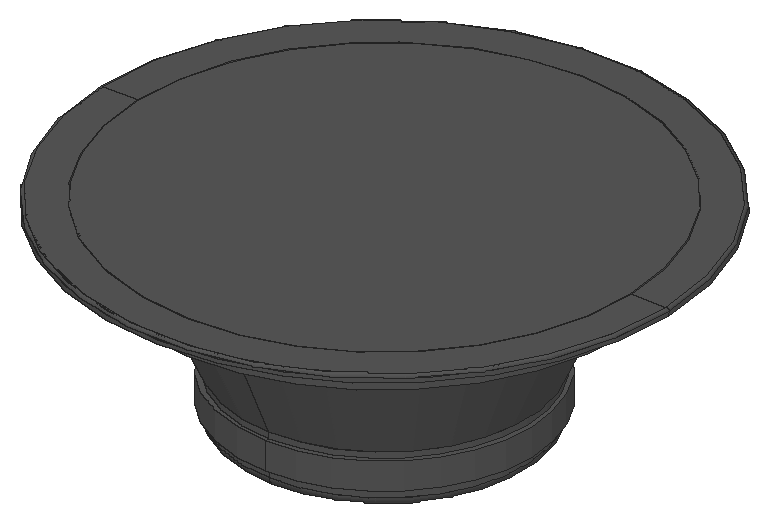
Revit family "Electronics_Commercial-Loudspeakers_Dual-Cone-Loudspeaker_CM6E", category Communication Devices, host Face, Revit 2020
Family settings
  Host = Face
  Maintain Annotation Orientation = No
  Round Connector Dimension = Use Diameter
  Part Type = Normal
  OmniClass Number = 23.85.10.11.14.14.14
  Cut with Voids When Loaded = No
  Shared = No
  Room Calculation Point = No
Parameters (values of type "CM6E B")
  Grill Material = Biamp - Plastic - Black(Grid)
  Frequency response in Hz = "70 - 20K"  # constant formula
  Woofer size in inch = "6.5"  # constant formula
  Vertical dispersion angle 1000 Hz = "180°"  # constant formula
  Tweeter size in inch = "1"  # constant formula
  SPL 1W/1m in dB = "91"  # constant formula
  Max SPL 1m in dB = "99"  # constant formula
  Woofer cone material = "Paper"  # constant formula
  Weight = 1.65347 lbf  # constant formula
  URL = "https://www.biamp.com/"
  Product data url = "https://bimobject.com/biamp/product/cm6e_commercial-loudspeakers-ceiling"
  Product Page URL = "https://www.biamp.com/products/product-families/commercial-loudspeakers/ceiling-loudspeakers#cm6e"
  Product Documentation Link = "https://downloads.biamp.com/assets/docs/default-source/data-sheets/biamp_data_sheet_cm6e_aug20.pdf"
  Mounting system = "3 screws"  # constant formula
  Model = "CM6E B"
  Manufacturer = "Biamp"  # constant formula
  Main construction material = "ABS plastic"  # constant formula
  Low impedance dynamic power in watts = "30"  # constant formula
  Low impedance RMS power in watts = "15"  # constant formula
  Loudspeaker system = "Dual cone"  # constant formula
  Installation grip range in mm = "2 - 25"  # constant formula
  Impedance in ohms = "4"  # constant formula
  IP rating = "50"  # constant formula
  Housing Material = Biamp - Plastic - Black
  Grille main material = "Steel"  # constant formula
  Diameter = 0' - 8.07087"  # constant formula
  Description = "CM6E 6.5 Dual Cone Loudspeaker, White"  # constant formula
  Depth = 0' - 2.75591"  # constant formula
  Default Elevation = 4' - 0"
  Cutout in mm = "186"  # constant formula
  Connector Description = "Terminal strip; 100 V operation"  # constant formula
  Colour = "Black"
  Closest RAL colour (subject to deviations) = "RAL9010 (W) / RAL9011 (BL) / RAL9006 (SLV)"  # constant formula
  Applicable in 100V = "Yes"  # constant formula
  100V transformer power taps in watts = "6 - 3 - 1.5"  # constant formula
Types (2): name | Grill Material | Model | Housing Material | Colour
  CM6E B | Biamp - Plastic - Black(Grid) | "CM6E B" | Biamp - Plastic - Black | "Black"
  CM6E W | Biamp - Plastic - White(Grid) | "CM6E W" | Biamp - Plastic - White | "White"
Reference planes (in)
  plane 1 "Center (Front/Back)": y = 0
  plane 2: z = 0
  plane 3 "Center (Left/Right)": x = 0
Forms (in)
  Extrusion 1, solid, material "Biamp - Plastic - Black" <- "Housing Material", detail levels coarse
    sketch origin (0, 0, 0) x (1, 0, 0) y (0, 1, 0)
      loop
        circle (0, 0) r 3.58801
    from -2.75591 to 0
  Extrusion 2, void
    sketch origin (0, 0, 0) x (1, 0, 0) y (0, 1, 0)
      loop
        circle (0, 0) r 3.58801
    from -2.75591 to 0
  Revolve 3, solid, material "Biamp - Plastic - Black" <- "Housing Material", detail levels medium+fine
    sketch origin (0, 0, 0) x (1, 0, 0) y (0, 0, 1)
      loop
        line (0, 0) -> (0, 0.10089) -> (-4.0954, 0.10089)
        arc (-4.0954, 0.10089) -> (-4.12259, 0.08962) -> (-4.13386, 0.06243) r 0.03846
        line (-4.13386, 0.06243) -> (-4.13386, 0) -> (0, 0)
      axis (0, 0) -> (0, 0.10089)
    angle from 0 to 360
  Revolve 4, solid, material "Biamp - Plastic - Black" <- "Housing Material", detail levels medium+fine
    sketch origin (0, 0, 0) x (0, 1, 0) y (0, 0, 1)
      loop
        line (0, 0) -> (-3.58801, 0) -> (-3.58801, -0.3937) -> (-2.85779, -0.3937) -> (-2.08877, -2.04288) -> (-2.08877, -2.12818) -> (-2.15352, -2.12818) -> (-2.15352, -2.52043) -> (-2.0851, -2.52043) -> (-2.0851, -2.64162)
        arc (-2.0851, -2.64162) -> (-2.05163, -2.72243) -> (-1.97082, -2.75591) r 0.11428
        line (-1.97082, -2.75591) -> (0, -2.75591) -> (0, 0)
      axis (0, 0) -> (0, -2.75591)
    angle from 0 to 360
  Extrusion 5, void
    sketch origin (0, 0.24606, 0) x (1, 0, 0) y (0, 1, 0)
      loop
        circle (0, -0.93002) r 0.59055
    from -2.78659 to -2.72037
  Revolve 6, solid, material "Biamp - Plastic - Black" <- "Housing Material", detail levels coarse
    sketch origin (0, 0, 0) x (1, 0, 0) y (0, 0, 1)
      loop
        line (0, 0) -> (0, 0.10089) -> (-4.0954, 0.10089)
        arc (-4.0954, 0.10089) -> (-4.12259, 0.08962) -> (-4.13386, 0.06243) r 0.03846
        line (-4.13386, 0.06243) -> (-4.13386, 0) -> (0, 0)
      axis (0, 0) -> (0, 0.10089)
    angle from 0 to 360
  Extrusion 7, void
    sketch origin (0, 0, 0) x (1, 0, 0) y (0, 1, 0)
      loop
        circle (0, 0) r 3.58801
    from 0 to 0.38008
  Extrusion 8, solid, material "Biamp - Plastic - Black(Grid)" <- "Grill Material", detail levels medium+fine
    sketch origin (0, 0, 0) x (1, 0, 0) y (0, 1, 0)
      loop
        circle (0, 0) r 3.58801
    from 0 to 0.10089
Cuts and joins
  Extrusion 5, Extrusion 7 cuts Extrusion 1
  Extrusion 5, Extrusion 7 cuts Revolve 3
  Extrusion 5, Extrusion 7 cuts Revolve 4
Lines and regions (in)
  Masking region 1
    outline origin (0, 0, 0) x (1, 0, 0) y (0, 1, 0)
      loop
        circle (0, 0) r 4.13386
  Masking region 2
    outline origin (0, 0, 0) x (1, 0, 0) y (0, 1, 0)
      loop
        circle (0, 0) r 3.58801
  Masking region 3
    outline origin (0, 0, 0) x (1, 0, 0) y (0, 0, 1)
      loop
        line (-3.58801, 0) -> (-3.58801, -2.75591) -> (3.58801, -2.75591) -> (3.58801, 0) -> (-3.58801, 0)
  Masking region 4
    outline origin (0, 0, 0) x (1, 0, 0) y (0, 0, 1)
      loop
        line (-4.13386, 0) -> (4.13386, 0) -> (4.13386, 0.062)
        arc (4.13386, 0.062) -> (4.12233, 0.08984) -> (4.09449, 0.10137) r 0.03937
        line (4.09449, 0.10137) -> (-4.09449, 0.10137)
        arc (-4.09449, 0.10137) -> (-4.12233, 0.08984) -> (-4.13386, 0.062) r 0.03937
        line (-4.13386, 0.062) -> (-4.13386, 0)
Dimensions and locks (in)
  aligned and locked: plane 2 to host face
  aligned and locked: level to host face
Connectors (in)
  electrical at (0, -0.68396, -2.72037), driven by "Connector Description"
    settings: on cut or joined group of Extrusion 1, Extrusion 5, Extrusion 7, index 1, voltage 0 V, apparent load 0 VA, apparent load phase1 0 VA, apparent load phase2 0 VA, apparent load phase3 0 VA, power factor 1, load classification "Other", number of poles 1, system type 5, power factor state 1, is connector primary yes, connector utility no, sub classification motor no, connector description "Terminal strip; 100 V operation"
